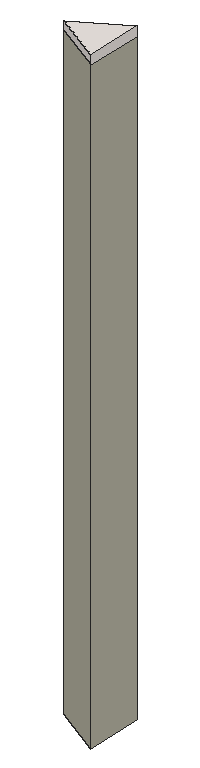
Revit family "9d00442642cb42a7bd2e7274fc72d714", category Furniture Systems, Revit 2021
Family settings
  Round Connector Dimension = Use Diameter
  Part Type = Normal
  OmniClass Number = 23.40.70.14.64.21
  OmniClass Title = Systems Furniture
  Work Plane-Based = No
  Always vertical = Yes
  Cut with Voids When Loaded = No
  Shared = No
  Room Calculation Point = No
Parameters (values of type "3" x 36"")
  t = (Thickness / 2) / (tan(30.00°))  # 2.59808"
  Type Comments = "3\" x 36\" Triangular Transition Post"
  Thickness = 3"
  Panel Material [instance] = Fabric - Plaid Beige
  Model = ""
  Manufacturer = ""
  Height = 36"
  Edge Material [instance] = Metal - Paint Linen
  Description = ""
  Default Elevation = 0"
Types (3): name | Type Comments | Height
  3" x 42" | "3\" x 42\" Triangular Transition Post" | 42"
  3" x 60" | "3\" x 60\" Triangular Transition Post" | 60"
  3" x 36" | "3\" x 36\" Triangular Transition Post" | 36"
Reference planes (in)
  plane 1 "Center F/B": y = 0
  plane 2: z = 0
  plane 3 "Center L/R": x = 0
  plane 4 "Front": y = -1.5
  plane 5 "Left": x = -1.29904
  plane 6 "Top": z = 36
  plane 7 "Bottom": z = 4
  plane 8: z = 35.5
  plane 9 "Right": x = 1.29904
  plane 10: y = 1.5
  plane 11: z = 0.25
Forms (in)
  Extrusion 1, solid, material "Fabric - Plaid Beige" <- "Panel Material"
    sketch origin (0, 0, 0) x (1, 0, 0) y (0, 1, 0)
      loop
        line (1.29904, 1.5) -> (-1.29904, 0) -> (1.29904, -1.5) -> (1.29904, 1.5)
    from 4 to 35.5
  Extrusion 2, solid, material "Metal - Paint Linen" <- "Edge Material"
    sketch origin (0, 0, 0) x (1, 0, 0) y (0, 1, 0)
      loop
        line (1.29904, 1.5) -> (-1.29904, 0) -> (1.29904, -1.5) -> (1.29904, 1.5)
    from 35.5 to 36
Lines and regions (in)
  Masking region 1
    outline origin (0, 0, 0) x (1, 0, 0) y (0, 1, 0)
      loop
        line (1.29904, 1.5) -> (-1.29904, 0) -> (1.29904, -1.5) -> (1.29904, 1.5)
Dimensions and locks (in)
  "t": plane 5 "Left" to plane 9 "Right"
  plane 7 "Bottom" to plane 2 = 4"
  "Height": plane 6 "Top" to plane 2
  locked: plane 6 "Top" to plane 8 at 0.5
  "Thickness": plane 10 to plane 4 "Front"
  equal spacing: plane 10, plane 1 "Center F/B", plane 4 "Front"
  locked: plane 11 to level at 0.25
  equal spacing: plane 5 "Left", plane 3 "Center L/R", plane 9 "Right"
  aligned and locked: level to plane 2
  aligned and locked: Extrusion 1 to plane 7 "Bottom"
  aligned and locked: plane 8 to Extrusion 1
  aligned and locked: plane 9 "Right" to Masking region 1 sketch curve
  aligned and locked: plane 9 "Right" to Extrusion 1 sketch curve
  aligned and locked: plane 6 "Top" to Extrusion 2
  aligned and locked: Extrusion 2 to plane 8
Automatic sketch dimensions
  plane 1 "Center F/B" to Extrusion 1 sketch curve = 0"
  Extrusion 1 sketch curve to plane 5 "Left" = 0"
  Extrusion 1 sketch curve to plane 4 "Front" = 0"
  Extrusion 1 sketch curve to plane 10 = 0"
  plane 1 "Center F/B" to Masking region 1 sketch curve = 0"
  Masking region 1 sketch curve to plane 5 "Left" = 0"
  Masking region 1 sketch curve to plane 4 "Front" = 0"
  Masking region 1 sketch curve to plane 10 = 0"
  plane 1 "Center F/B" to Extrusion 2 sketch curve = 0"
  Extrusion 2 sketch curve to plane 5 "Left" = 0"
  Extrusion 2 sketch curve to plane 4 "Front" = 0"
  Extrusion 2 sketch curve to plane 9 "Right" = 0"
  Extrusion 2 sketch curve to plane 10 = 0"  (x2)
